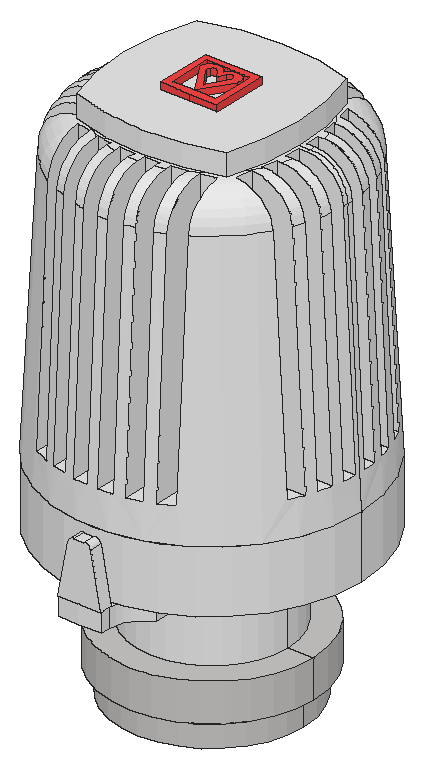
Revit family "Термостатическая головка HERZ, с присоединительной резьбой М 28х1.5, 7260", category Rohrzubehör, Revit 2019
Family settings
  Bemaßung runder Anschluss = Durchmesser verwenden
  Teiletyp = Normal
  OmniClass-Nummer = 23.65.55.14
  OmniClass-Titel = Valves for Liquid Services
  Arbeitsebenenbasiert = Nein
  Immer vertikal = Nein
  Beim Laden mit Abzugskörper schneiden = Nein
  Gemeinsam genutzt = Nein
Parameters
  Принцип действия = "HERZ-термостатическая головка является датчиком прямого регулирования.\r\nИзменение объема жидкости в HERZ-гидросенсоре приводит в движение шток клапана."
  Область применения = "Для монтажа на всех HERZ-клапанах, предназначенных для термостатической работы."
  Номер заказа = 1726006  # constant formula
  Маховик = "Пластик, белый"  # constant formula
  Исполнение = "Термостатическая головка с жидкостным датчиком (гидросенсором) с позициями теплового запираниия \"0\" и морозозащиты, с ограничением и блокировкой диапазона регулирования. Цвет маховика - белый."
  Диапазон регулирования = "6 - 28°C"  # constant formula
  Автоматическая защита от замерзания = "при прибл. 6 °C"  # constant formula
  W02 = 120.00°  # constant formula
  W01 = 135.00°  # constant formula
  URL = "www.herz-armaturen.ru"
  S02 = 60.000 mm  # constant formula
  S01 = H02 + H07  # 79.500 mm
  R08 = 15.000 mm  # constant formula
  R07 = 6.000 mm  # constant formula
  R06 = 24.000 mm  # constant formula
  R05 = 16.350 mm  # constant formula
  R04 = 14.750 mm  # constant formula
  R03 = 13.200 mm  # constant formula
  R02 = 12.200 mm  # constant formula
  R01 = 22.400 mm  # constant formula
  Hersteller = "HERZ Armaturen Ges.m.b.H."  # constant formula
  H09 = 3.500 mm  # constant formula
  H08 = 10.000 mm  # constant formula
  H07 = 59.000 mm  # constant formula
  H06 = 3.500 mm  # constant formula
  H05 = 10.500 mm  # constant formula
  H04 = 11.700 mm  # constant formula
  H03 = 4.500 mm  # constant formula
  H02 = 20.500 mm  # constant formula
  H01 = 45.800 mm  # constant formula
Reference planes
  plane 1 "Mitte (Vorne/hinten)": y = 0
  plane 2: z = 0
  plane 3 "Mitte (Links/rechts)": x = 0
Forms (mm)
  Revolve 1, solid, material "Messing verzinkt", detail levels fine
    sketch origin (0, 0, 0) x (1, 0, 0) y (0, 0, 1)
      loop
        line (0, 4.5) -> (13.2, 4.5) -> (13.2, -3.563) -> (14.75, -3.563) -> (14.75, -0.063) -> (16.35, 0.861) -> (16.35, 6.937) -> (0, 6.937) -> (0, 4.5)
      axis (0, 6.937) -> (0, -3.563)
    angle from 0 to 360
  Revolve 2, solid, material "Kunststoff weiß", detail levels fine
    sketch origin (0, 0, 0) x (1, 0, 0) y (0, 0, 1)
      loop
        line (0, 20.5) -> (24, 20.5) -> (24, 30.5) -> (21.791, 73.806)
        arc (21.791, 73.806) -> (19.931, 77.849) -> (15.798, 79.5) r 6
        line (15.798, 79.5) -> (0, 79.5) -> (0, 20.5)
      axis (0, 79.5) -> (0, 20.5)
    angle from 0 to 360
  Extrusion 3, void
    sketch origin (0, 0, 0) x (1, 0, 0) y (0, 1, 0)
      loop
        line (24.458, 0.8) -> (24.458, 3.2) -> (14.361, 3.2)
        arc (14.361, 3.2) -> (14.446, 2.001) -> (14.491, 0.8) r 37
        line (14.491, 0.8) -> (24.458, 0.8)
      loop
        line (24.458, 4.8) -> (24.458, 7.2) -> (13.793, 7.2)
        arc (13.793, 7.2) -> (14.01, 6.003) -> (14.187, 4.8) r 37
        line (14.187, 4.8) -> (24.458, 4.8)
      loop
        line (24.458, 8.8) -> (24.458, 11.2) -> (12.764, 11.2)
        arc (12.764, 11.2) -> (13.121, 10.006) -> (13.438, 8.8) r 37
        line (13.438, 8.8) -> (24.458, 8.8)
      loop
        line (24.458, -0.8) -> (14.491, -0.8)
        arc (14.491, -0.8) -> (14.446, -2.001) -> (14.361, -3.2) r 37
        line (14.361, -3.2) -> (24.458, -3.2) -> (24.458, -0.8)
      loop
        line (24.458, -4.8) -> (14.187, -4.8)
        arc (14.187, -4.8) -> (14.01, -6.003) -> (13.793, -7.2) r 37
        line (13.793, -7.2) -> (24.458, -7.2) -> (24.458, -4.8)
      loop
        line (24.458, -8.8) -> (13.438, -8.8)
        arc (13.438, -8.8) -> (13.121, -10.006) -> (12.764, -11.2) r 37
        line (12.764, -11.2) -> (24.458, -11.2) -> (24.458, -8.8)
      loop
        line (-24.458, 0.8) -> (-14.491, 0.8)
        arc (-14.491, 0.8) -> (-14.446, 2.001) -> (-14.361, 3.2) r 37
        line (-14.361, 3.2) -> (-24.458, 3.2) -> (-24.458, 0.8)
      loop
        line (-24.458, 4.8) -> (-14.187, 4.8)
        arc (-14.187, 4.8) -> (-14.01, 6.003) -> (-13.793, 7.2) r 37
        line (-13.793, 7.2) -> (-24.458, 7.2) -> (-24.458, 4.8)
      loop
        line (-24.458, 8.8) -> (-13.438, 8.8)
        arc (-13.438, 8.8) -> (-13.121, 10.006) -> (-12.764, 11.2) r 37
        line (-12.764, 11.2) -> (-24.458, 11.2) -> (-24.458, 8.8)
      loop
        line (-24.458, -0.8) -> (-24.458, -3.2) -> (-14.361, -3.2)
        arc (-14.361, -3.2) -> (-14.446, -2.001) -> (-14.491, -0.8) r 37
        line (-14.491, -0.8) -> (-24.458, -0.8)
      loop
        line (-24.458, -4.8) -> (-24.458, -7.2) -> (-13.793, -7.2)
        arc (-13.793, -7.2) -> (-14.01, -6.003) -> (-14.187, -4.8) r 37
        line (-14.187, -4.8) -> (-24.458, -4.8)
      loop
        line (-24.458, -8.8) -> (-24.458, -11.2) -> (-12.764, -11.2)
        arc (-12.764, -11.2) -> (-13.121, -10.006) -> (-13.438, -8.8) r 37
        line (-13.438, -8.8) -> (-24.458, -8.8)
      loop
        line (0.8, 24.458) -> (0.8, 14.491)
        arc (0.8, 14.491) -> (2.001, 14.446) -> (3.2, 14.361) r 37
        line (3.2, 14.361) -> (3.2, 24.458) -> (0.8, 24.458)
      loop
        line (4.8, 24.458) -> (4.8, 14.187)
        arc (4.8, 14.187) -> (6.003, 14.01) -> (7.2, 13.793) r 37
        line (7.2, 13.793) -> (7.2, 24.458) -> (4.8, 24.458)
      loop
        line (8.8, 24.458) -> (8.8, 13.438)
        arc (8.8, 13.438) -> (10.006, 13.121) -> (11.2, 12.764) r 37
        line (11.2, 12.764) -> (11.2, 24.458) -> (8.8, 24.458)
      loop
        line (-0.8, 24.458) -> (-3.2, 24.458) -> (-3.2, 14.361)
        arc (-3.2, 14.361) -> (-2.001, 14.446) -> (-0.8, 14.491) r 37
        line (-0.8, 14.491) -> (-0.8, 24.458)
      loop
        line (-4.8, 24.458) -> (-7.2, 24.458) -> (-7.2, 13.793)
        arc (-7.2, 13.793) -> (-6.003, 14.01) -> (-4.8, 14.187) r 37
        line (-4.8, 14.187) -> (-4.8, 24.458)
      loop
        line (-8.8, 24.458) -> (-11.2, 24.458) -> (-11.2, 12.764)
        arc (-11.2, 12.764) -> (-10.006, 13.121) -> (-8.8, 13.438) r 37
        line (-8.8, 13.438) -> (-8.8, 24.458)
      loop
        line (0.8, -24.458) -> (3.2, -24.458) -> (3.2, -14.361)
        arc (3.2, -14.361) -> (2.001, -14.446) -> (0.8, -14.491) r 37
        line (0.8, -14.491) -> (0.8, -24.458)
      loop
        line (4.8, -24.458) -> (7.2, -24.458) -> (7.2, -13.793)
        arc (7.2, -13.793) -> (6.003, -14.01) -> (4.8, -14.187) r 37
        line (4.8, -14.187) -> (4.8, -24.458)
      loop
        line (8.8, -24.458) -> (11.2, -24.458) -> (11.2, -12.764)
        arc (11.2, -12.764) -> (10.006, -13.121) -> (8.8, -13.438) r 37
        line (8.8, -13.438) -> (8.8, -24.458)
      loop
        line (-0.8, -24.458) -> (-0.8, -14.491)
        arc (-0.8, -14.491) -> (-2.001, -14.446) -> (-3.2, -14.361) r 37
        line (-3.2, -14.361) -> (-3.2, -24.458) -> (-0.8, -24.458)
      loop
        line (-4.8, -24.458) -> (-4.8, -14.187)
        arc (-4.8, -14.187) -> (-6.003, -14.01) -> (-7.2, -13.793) r 37
        line (-7.2, -13.793) -> (-7.2, -24.458) -> (-4.8, -24.458)
      loop
        line (-8.8, -24.458) -> (-8.8, -13.438)
        arc (-8.8, -13.438) -> (-10.006, -13.121) -> (-11.2, -12.764) r 37
        line (-11.2, -12.764) -> (-11.2, -24.458) -> (-8.8, -24.458)
    from 36 to 81.5
  Extrusion 4, solid, material "Kunststoff weiß", detail levels fine
    sketch origin (0, 0, 0) x (1, 0, 0) y (0, 1, 0)
      loop
        arc (12, 12) -> (0, 14) -> (-12, 12) r 37
        arc (-12, 12) -> (-14, 0) -> (-12, -12) r 37
        arc (-12, -12) -> (0, -14) -> (12, -12) r 37
        arc (12, -12) -> (14, 0) -> (12, 12) r 37
    from 79.5 to 83
  Extrusion 5, solid, material "Kunststoff weiß", detail levels fine
    sketch origin (0.017, -0.017, 0) x (0, -1, 0) y (1, 0, 0)
      loop
        line (14.714, 6.983) -> (14.714, -7.017) -> (19.645, -7.017)
        arc (19.645, -7.017) -> (21.761, -4.508) -> (24.882, -3.488) r 6
        line (24.882, -3.488) -> (26.272, -3.488)
        arc (26.272, -3.488) -> (26.5, 0) -> (26.267, 3.488) r 26.5
        line (26.267, 3.488) -> (24.882, 3.488)
        arc (24.882, 3.488) -> (21.777, 4.497) -> (19.66, 6.983) r 6
        line (19.66, 6.983) -> (14.714, 6.983)
    from 17.5 to 20.5
  Extrusion 6, solid, material "Kunststoff weiß", detail levels fine
    sketch origin (0.017, -0.017, 3.5) x (1, 0, 0) y (0, 0, 1)
      loop
        arc (-0.8, 26.1) -> (-1.432, 25.875) -> (-1.779, 25.302) r 1
        line (-1.779, 25.302) -> (-3.488, 17) -> (3.488, 17) -> (1.779, 25.302)
        arc (1.779, 25.302) -> (1.432, 25.875) -> (0.8, 26.1) r 1
        line (0.8, 26.1) -> (-0.8, 26.1)
    from 26.5 to 24.5
  Revolve 7, solid, material "Kunststoff weiß", detail levels fine
    sketch origin (90.543, 0, 0) x (1, 0, 0) y (0, 0, 1)
      loop
        line (-90.543, 0) -> (-77.343, 0) -> (-77.343, 4.5) -> (-78.343, 4.5) -> (-78.343, 20.5) -> (-68.143, 20.5) -> (-68.143, 34.1) -> (-75.543, 34.1) -> (-75.543, 45.8) -> (-90.543, 45.8) -> (-90.543, 0)
      axis (-90.543, 45.8) -> (-90.543, 0)
    angle from 0 to 360
Cuts and joins
  Extrusion 3 cuts Revolve 2
Lines and regions (mm)
  model lines, detail levels coarse+medium
    curve 1: line (0, 0, 0) -> (0, 0, 19.5)
    curve 2: line (0, -0.017, 0) -> (0, 19.5, 0)
    curve 3: circle (0, 0, 49.5) r 30 normal (0, -1, 0)
    curve 4: circle (0, 0, 49.5) r 30 normal (1, 0, 0)
    curve 5: line (0, 0, 29.5) -> (0, 0, 69.5)
    curve 6: line (0, -17.5, 69.5) -> (0, 17.5, 69.5)
    curve 7: line (0, 0, 29.5) -> (0, 0, 69.5)
    curve 8: line (-17.5, 0, 69.5) -> (17.5, 0, 69.5)
    curve 9: circle (0, 49.5, 0) r 30 normal (0, 0, 1)
    curve 10: line (0, 29.5, 0) -> (0, 69.5, 0)
    curve 11: line (-17.5, 69.5, 0) -> (17.5, 69.5, 0)
Dimensions and locks
  "H05": Revolve 1 sketch curve to Revolve 1 sketch curve
  "H06": Revolve 1 sketch curve to Revolve 1 sketch curve
  "H03": Revolve 1 sketch curve to plane 2
  "R04": Revolve 1 sketch curve to plane 3 "Mitte (Links/rechts)"
  "R03": plane 3 "Mitte (Links/rechts)" to Revolve 1 sketch curve
  "R05": Revolve 1 sketch curve to plane 3 "Mitte (Links/rechts)"
  "H08": Revolve 2 sketch curve to Revolve 2 sketch curve
  "R06": Revolve 2 sketch curve to Revolve 2 sketch curve
  "H02": Revolve 2 sketch curve to plane 2
  "H02": Revolve 7 sketch curve to plane 2
  "H03": Revolve 7 sketch curve to Revolve 7 sketch curve
  "H01": Revolve 7 sketch curve to plane 2
  "H04": Revolve 7 sketch curve to Revolve 7 sketch curve
  "R03": Revolve 7 sketch curve to plane 3 "Mitte (Links/rechts)"
  "R02": plane 3 "Mitte (Links/rechts)" to Revolve 7 sketch curve
  "R01": plane 3 "Mitte (Links/rechts)" to Revolve 7 sketch curve
  "R08": plane 3 "Mitte (Links/rechts)" to Revolve 7 sketch curve
  "H07": Revolve 2 sketch curve to Revolve 2 sketch curve
  "S01": curve 4 to plane 2
  "S01": curve 3 to plane 2
  "S01": plane 1 "Mitte (Vorne/hinten)" to curve 9
  "R07": radius of Revolve 2 sketch curve
  "S02": diameter of curve 3
  "S02": diameter of curve 4
  "S02": diameter of curve 9
  "W02": angle Revolve 1 sketch curve to Revolve 1 sketch curve
  aligned and locked: level to plane 2
Automatic sketch dimensions
  plane 1 "Mitte (Vorne/hinten)" to Extrusion 4 sketch curve = 0.000 mm  (x2)
  Extrusion 4 sketch curve to plane 3 "Mitte (Links/rechts)" = 0.000 mm  (x2)
  Extrusion 4 sketch curve to plane 3 "Mitte (Links/rechts)" = 23.000 mm
  plane 3 "Mitte (Links/rechts)" to Extrusion 4 sketch curve = 23.000 mm
  plane 1 "Mitte (Vorne/hinten)" to Extrusion 4 sketch curve = 23.000 mm
  Extrusion 4 sketch curve to plane 1 "Mitte (Vorne/hinten)" = 23.000 mm
  Extrusion 4 sketch curve to plane 3 "Mitte (Links/rechts)" = 12.000 mm  (x2)
  plane 3 "Mitte (Links/rechts)" to Extrusion 4 sketch curve = 12.000 mm
  plane 1 "Mitte (Vorne/hinten)" to Extrusion 4 sketch curve = 12.000 mm
  Extrusion 3 sketch curve to Extrusion 3 sketch curve = 0.000 mm  (x58)
  plane 1 "Mitte (Vorne/hinten)" to Extrusion 3 sketch curve = 0.000 mm  (x2)
  Extrusion 3 sketch curve to plane 3 "Mitte (Links/rechts)" = 0.000 mm  (x2)
  Extrusion 3 sketch curve to plane 3 "Mitte (Links/rechts)" = 0.800 mm  (x2)
  Extrusion 3 sketch curve to Extrusion 3 sketch curve = 2.400 mm  (x12)
  Extrusion 3 sketch curve to Extrusion 3 sketch curve = 1.600 mm  (x16)
  Extrusion 3 sketch curve to Extrusion 3 sketch curve = 1.564 mm  (x8)
  Extrusion 3 sketch curve to Extrusion 3 sketch curve = 0.674 mm  (x5)
  Extrusion 3 sketch curve to Extrusion 3 sketch curve = 0.354 mm  (x8)
  Extrusion 3 sketch curve to Extrusion 3 sketch curve = 0.395 mm  (x4)
  Extrusion 3 sketch curve to Extrusion 3 sketch curve = 0.174 mm  (x8)
  plane 1 "Mitte (Vorne/hinten)" to Extrusion 3 sketch curve = 0.800 mm  (x2)
  Extrusion 3 sketch curve to Extrusion 3 sketch curve = 0.130 mm  (x2)
  Extrusion 3 sketch curve to plane 1 "Mitte (Vorne/hinten)" = 0.800 mm  (x2)
  Extrusion 3 sketch curve to Extrusion 3 sketch curve = 8.009 mm  (x3)
  Extrusion 3 sketch curve to Extrusion 3 sketch curve = 1.958 mm  (x7)
  plane 3 "Mitte (Links/rechts)" to Extrusion 3 sketch curve = 0.800 mm  (x2)
  Extrusion 3 sketch curve to Extrusion 3 sketch curve = 11.019 mm
  Extrusion 5 sketch curve to plane 3 "Mitte (Links/rechts)" = 0.000 mm
  plane 1 "Mitte (Vorne/hinten)" to Extrusion 5 sketch curve = 0.017 mm
  Extrusion 5 sketch curve to plane 3 "Mitte (Links/rechts)" = 7.000 mm
  plane 1 "Mitte (Vorne/hinten)" to Extrusion 5 sketch curve = 14.731 mm
  Extrusion 5 sketch curve to Extrusion 5 sketch curve = 4.930 mm
  Extrusion 5 sketch curve to Extrusion 5 sketch curve = 4.946 mm
  Extrusion 5 sketch curve to plane 3 "Mitte (Links/rechts)" = 3.471 mm
  Extrusion 5 sketch curve to Extrusion 5 sketch curve = 5.237 mm
  Extrusion 5 sketch curve to Extrusion 5 sketch curve = 5.222 mm
  Extrusion 5 sketch curve to Extrusion 5 sketch curve = 5.470 mm
  Extrusion 5 sketch curve to Extrusion 5 sketch curve = 0.233 mm
  Extrusion 5 sketch curve to Extrusion 5 sketch curve = 1.390 mm
  plane 3 "Mitte (Links/rechts)" to Extrusion 5 sketch curve = 3.505 mm
  Extrusion 5 sketch curve to Extrusion 5 sketch curve = 3.495 mm
  Extrusion 5 sketch curve to Extrusion 5 sketch curve = 0.000 mm
  Extrusion 6 sketch curve to plane 3 "Mitte (Links/rechts)" = 3.471 mm
  Extrusion 6 sketch curve to plane 3 "Mitte (Links/rechts)" = 1.763 mm
  Extrusion 6 sketch curve to plane 3 "Mitte (Links/rechts)" = 0.783 mm
  plane 3 "Mitte (Links/rechts)" to Extrusion 6 sketch curve = 0.817 mm
  Extrusion 6 sketch curve to Extrusion 6 sketch curve = 0.979 mm
  plane 3 "Mitte (Links/rechts)" to Extrusion 6 sketch curve = 3.505 mm
  level to Extrusion 6 sketch curve = 20.500 mm
  Extrusion 6 sketch curve to Extrusion 6 sketch curve = 8.100 mm
  Extrusion 6 sketch curve to Extrusion 6 sketch curve = 0.000 mm
  Extrusion 6 sketch curve to Extrusion 6 sketch curve = 0.202 mm
  curve 5 to plane 1 "Mitte (Vorne/hinten)" = 0.000 mm
  curve 4 to plane 1 "Mitte (Vorne/hinten)" = 0.000 mm
  plane 1 "Mitte (Vorne/hinten)" to curve 6 = 17.500 mm
  curve 5 to curve 6 = 17.500 mm
  curve 5 to curve 4 = 20.000 mm
  curve 4 to curve 6 = 20.000 mm
  curve 3 to plane 3 "Mitte (Links/rechts)" = 0.000 mm
  curve 7 to plane 3 "Mitte (Links/rechts)" = 0.000 mm
  curve 1 to plane 3 "Mitte (Links/rechts)" = 0.000 mm
  curve 1 to level = 0.000 mm
  curve 8 to curve 7 = 17.500 mm
  plane 3 "Mitte (Links/rechts)" to curve 8 = 17.500 mm
  curve 1 to curve 7 = 10.000 mm
  curve 3 to curve 8 = 20.000 mm
  curve 9 to plane 3 "Mitte (Links/rechts)" = 0.000 mm
  curve 10 to plane 3 "Mitte (Links/rechts)" = 0.000 mm
  curve 2 to plane 3 "Mitte (Links/rechts)" = 0.000 mm
  curve 11 to curve 10 = 17.500 mm
  plane 3 "Mitte (Links/rechts)" to curve 11 = 17.500 mm
  plane 1 "Mitte (Vorne/hinten)" to curve 2 = 0.017 mm
  curve 2 to curve 10 = 10.000 mm
  curve 9 to curve 11 = 20.000 mm
  Revolve 1 sketch curve to plane 3 "Mitte (Links/rechts)" = 0.000 mm  (x2)
  level to Revolve 1 sketch curve = 0.861 mm
  Revolve 1 sketch curve to Revolve 1 sketch curve = 362.982 mm
  Revolve 1 sketch curve to Revolve 1 sketch curve = 2206.878 mm
  Revolve 2 sketch curve to plane 3 "Mitte (Links/rechts)" = 0.000 mm  (x2)
  plane 3 "Mitte (Links/rechts)" to Revolve 2 sketch curve = 15.798 mm
  Revolve 2 sketch curve to Revolve 2 sketch curve = 5.992 mm
  Revolve 2 sketch curve to level = 366.045 mm
  Revolve 2 sketch curve to Revolve 2 sketch curve = 2138.315 mm
  Revolve 7 sketch curve to level = 0.000 mm  (x2)
  Revolve 7 sketch curve to plane 3 "Mitte (Links/rechts)" = 0.000 mm  (x2)
  Revolve 7 sketch curve to Revolve 7 sketch curve = 0.000 mm
Nested families
  nested 1: "Herz-Logo" at (0, 0, 82.5), type "Herz-Logo", detail levels fine
Definition of nested family "Herz-Logo"
  Reference planes
    plane 1 "Mitte (Vorne/hinten)": y = 0
    plane 2: z = 0
    plane 3 "Mitte (Links/rechts)": x = 0
  Forms (mm)
    Extrusion 1, solid
      sketch origin (0, 0, 0) x (1, 0, 0) y (0, 1, 0)
        loop
          line (-0.018, -4.517) -> (4.482, -4.517) -> (4.482, 4.483) -> (-4.518, 4.483) -> (-4.518, -4.517) -> (-0.018, -4.517)
        loop
          line (-0.05, -3.48) -> (3.482, -3.48) -> (3.482, 3.483) -> (-3.518, 3.483) -> (-3.518, -3.48) -> (-0.05, -3.48)
        loop
          arc (-0.018, 2.383) -> (-1.543, 3.287) -> (-3.067, 2.383) r 1.738
          arc (-3.067, 2.383) -> (-3.191, 1.899) -> (-3.067, 1.415) r 1.009
          line (-3.067, 1.415) -> (-0.018, -3.281) -> (3.032, 1.415)
          arc (3.032, 1.415) -> (3.156, 1.899) -> (3.032, 2.383) r 1.009
          arc (3.032, 2.383) -> (1.507, 3.287) -> (-0.018, 2.383) r 1.738
        loop
          arc (1.885, 1.272) -> (2.005, 1.675) -> (1.885, 2.079) r 0.74
          arc (1.885, 2.079) -> (1.265, 2.416) -> (0.644, 2.079) r 0.74
          line (0.644, 2.079) -> (-0.018, 0.97) -> (-0.679, 2.079)
          arc (-0.679, 2.079) -> (-1.3, 2.416) -> (-1.921, 2.079) r 0.74
          arc (-1.921, 2.079) -> (-2.04, 1.675) -> (-1.921, 1.272) r 0.74
          line (-1.921, 1.272) -> (-0.018, -1.658) -> (1.885, 1.272)
      from 0 to 1.5
  Dimensions and locks
    aligned and locked: level to plane 2
